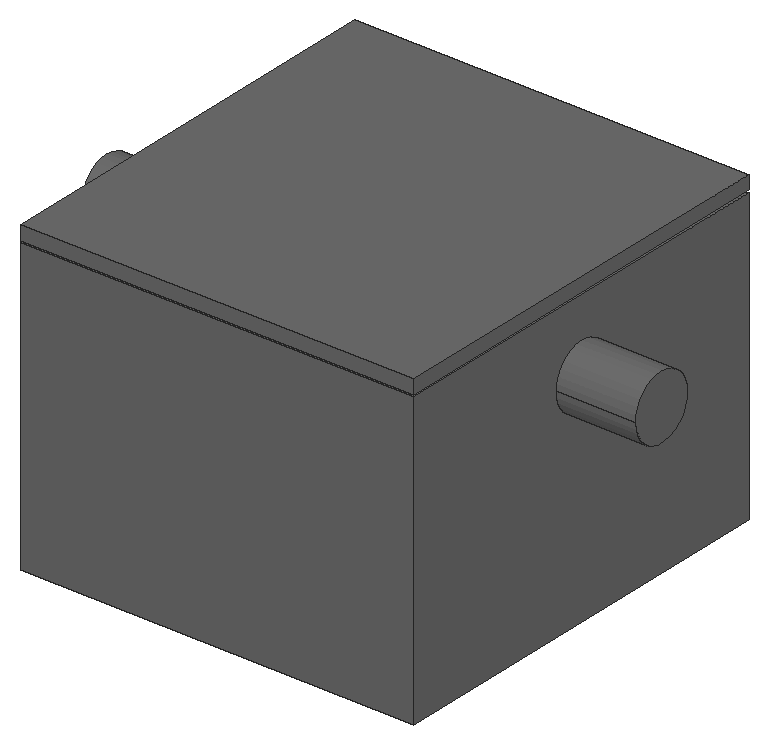
Revit family "Grease_Interceptor-Jay R Smith-P500-CSA_Series", category Specialty Equipment, Revit 2014
Parameters (values of type "P500-004")
  URL = "https://www.jrsmith.com"
  Product Page URL = ""
  Product Documentation Link = "https://www.jrsmith.com/uploads/fileLibrary/dp500csa.pdf"
  Price = "Prices may vary. Please consult Manufacturer Representative for most up-to-date price list."  # constant formula
  Model = "P500-004"
  Material = "Steel Coal Tar-Jay R Smith-Epoxy Coated"  # constant formula
  Manufacturer = "Jay R Smith"  # constant formula
  IsCustom [instance] = yes
  GREASE CAP LBS (KG) = "8(3.6)"
  GPM FLOW RATE (L/M) = "4(15)"
  G (Plug Size) = 1.500"
  F (Width) = 13.000"
  E = 9.625"
  Description = "Grease Interceptor"  # constant formula
  D = 12.250"
  Creation Date = "2/8/2019"  # constant formula
  C = 2.750"
  B = 6.875"
  Assembly Code = "D2090300"
  A = 2.000"
Types (12): name | Model | GREASE CAP LBS (KG) | GPM FLOW RATE (L/M) | F (Width) | E | D | C | B | A
  (no name) | "P500-004" | "8(3.6)" | "4(15)" | 13.000" | 9.625" | 12.250" | 2.750" | 6.875" | 2.000"
  P500-004 | "P500-004" | "8(3.6)" | "4(15)" | 13.000" | 9.625" | 12.250" | 2.750" | 6.875" | 2.000"
  P500-007 | "P500-007" | "14(6)" | "7(26)" | 14.500" | 11.000" | 13.625" | 3.250" | 7.750" | 2.000"
  P500-010 | "P500-010" | "20(9)" | "10(38)" | 15.750" | 12.375" | 15.000" | 3.625" | 8.750" | 2.000"
  P500-015 | "P500-015" | "30(13.6)" | "15(57)" | 18.250" | 14.750" | 17.375" | 3.500" | 11.250" | 2.000"
  P500-020 | "P500-020" | "40(18)" | "20(75)" | 20.250" | 16.750" | 19.375" | 4.000" | 12.750" | 3.000"
  P500-025 | "P500-025" | "50(22.6)" | "25(95)" | 21.750" | 18.375" | 21.000" | 4.125" | 14.250" | 3.000"
  P500-035 | "P500-035" | "70(32)" | "35(132)" | 23.250" | 19.000" | 22.375" | 4.500" | 14.500" | 3.000"
  P500-050 | "P500-050" | "100(45)" | "50(189)" | 23.250" | 19.750" | 31.625" | 5.250" | 14.500" | 3.000"
  P500-L20 | "P500-L20" | "40(18)" | "20(75)" | 20.750" | 10.500" | 39.500" | 3.750" | 7.000" | 3.000"
  P500-L35 | "P500-L35" | "70(32)" | "35(132)" | 26.750" | 11.750" | 52.250" | 4.750" | 7.000" | 3.000"
  P500-L50 | "P500-L50" | "100(45)" | "50(189)" | 26.750" | 15.938" | 50.250" | 5.938" | 10.000" | 3.000"
Reference planes (in)
  plane 1 "Center (Front/Back)": y = 0
  plane 2: z = 0
  plane 3 "Center (Left/Right)": x = 0
  plane 4: y = 6.5
  plane 5: y = -6.5
  plane 6: x = -6.125
  plane 7: x = 6.125
  plane 8: z = 6.875
  plane 9: z = 9.625
  plane 10: x = -8.625
  plane 11: x = 8.625
  plane 12: z = 9.125
  plane 13: x = -6.25
  plane 14: y = 6.625
  plane 15: x = 6.25
  plane 16: y = -6.625
  plane 17: y = 6.375
  plane 18: x = 6
  plane 19: y = -6.375
  plane 20: x = -6
  plane 21: z = 9.1875
Forms (in)
  Extrusion 1, solid, material "Steel Coal Tar-Jay R Smith-Epoxy Coated"
    sketch origin (0, 0, 0) x (1, 0, 0) y (0, 1, 0)
      loop
        line (-6.125, 6.5) -> (-6.125, -6.5) -> (6.125, -6.5) -> (6.125, 6.5) -> (-6.125, 6.5)
    from 0 to 9.625
  Extrusion 2, solid, material "Steel Coal Tar-Jay R Smith-Epoxy Coated"
    sketch origin (0, 0, 0) x (0, 1, 0) y (0, 0, 1)
      loop
        circle (0, 6.875) r 1
    from -8.625 to -6.125
  Extrusion 3, solid, material "Steel Coal Tar-Jay R Smith-Epoxy Coated"
    sketch origin (0, 0, 0) x (0, 1, 0) y (0, 0, -1)
      loop
        circle (0, -6.875) r 1
    from -8.625 to -6.125
  Extrusion 4, void
    sketch origin (0, 0, 0) x (1, 0, 0) y (0, 1, 0)
      loop
        line (-6.25, 6.625) -> (-6.25, -6.625) -> (6.25, -6.625) -> (6.25, 6.625) -> (-6.25, 6.625)
      loop
        line (-6, 6.375) -> (-6, -6.375) -> (6, -6.375) -> (6, 6.375) -> (-6, 6.375)
    from 9.125 to 9.1875
Cuts and joins
  Extrusion 4 cuts Extrusion 1
  Extrusion 4 cuts Extrusion 2
  Extrusion 4 cuts Extrusion 3
Dimensions and locks (in)
  "F (Width)": plane 5 to plane 4
  "D": plane 6 to plane 7
  equal spacing: plane 6, plane 3 "Center (Left/Right)", plane 7
  equal spacing: plane 5, plane 1 "Center (Front/Back)", plane 4
  "B": plane 8 to plane 2
  "C": plane 9 to plane 8
  locked: plane 10 to plane 6 at 2.5
  locked: plane 11 to plane 7 at 2.5
  locked: plane 9 to plane 12 at 0.5
  locked: plane 13 to plane 6 at 0.125
  locked: plane 16 to plane 5 at 0.125
  locked: plane 7 to plane 15 at 0.125
  locked: plane 14 to plane 4 at 0.125
  locked: plane 6 to plane 20 at 0.125
  locked: plane 18 to plane 7 at 0.125
  locked: plane 5 to plane 19 at 0.125
  locked: plane 4 to plane 17 at 0.125
  locked: plane 21 to plane 12 at 0.0625
  "A": diameter of Extrusion 2 sketch curve
  "A": diameter of Extrusion 3 sketch curve
  aligned and locked: Extrusion 1 sketch curve to plane 4
  aligned and locked: Extrusion 1 sketch curve to plane 6
  aligned and locked: Extrusion 1 sketch curve to plane 5
  aligned and locked: Extrusion 1 sketch curve to plane 7
  aligned and locked: Extrusion 1 to plane 2
  aligned and locked: plane 9 to Extrusion 1
  aligned and locked: plane 1 "Center (Front/Back)" to Extrusion 2 sketch curve
  aligned and locked: plane 8 to Extrusion 2 sketch curve
  aligned and locked: Extrusion 2 to plane 6
  aligned and locked: Extrusion 2 to plane 10
  aligned and locked: plane 11 to Extrusion 3
  aligned and locked: Extrusion 3 to plane 7
  aligned and locked: Extrusion 4 sketch curve to plane 14
  aligned and locked: Extrusion 4 sketch curve to plane 13
  aligned and locked: Extrusion 4 sketch curve to plane 16
  aligned and locked: Extrusion 4 sketch curve to plane 15
  aligned and locked: Extrusion 4 sketch curve to plane 17
  aligned and locked: Extrusion 4 sketch curve to plane 20
  aligned and locked: Extrusion 4 sketch curve to plane 19
  aligned and locked: Extrusion 4 sketch curve to plane 18
  aligned and locked: plane 21 to Extrusion 4
  aligned and locked: Extrusion 4 to plane 12
Automatic sketch dimensions
  Extrusion 3 sketch curve to plane 1 "Center (Front/Back)" = 0.000"
  Extrusion 3 sketch curve to plane 8 = 0.000"
Connectors (in)
  piping at (-8.625, 0, 6.875), diameter 2, driven by "A"
    settings: on cut or joined group of Extrusion 2, Extrusion 4, index 1, connector inside diameter 24", connector length 0.000", flow factor 0, pipe flow 0 GPM, pressure drop 0.00 psi, fitting loss kfactor 0, connector angle 0.00°, fixture units 0, engagement length 0.000", angle of deflection 0.00°, flow configuration 0, flow direction 1, fitting loss method 0, system type 29, joint type 0, gender type 0, connector reference index -1, connector utility 0, adjustable connector no, is connector primary yes, connector description "Inlet Connection"
  piping at (8.625, 0, 6.875), diameter 2, driven by "A"
    settings: on cut or joined group of Extrusion 3, Extrusion 4, index 2, connector inside diameter 24", connector length 0.000", flow factor 0, pipe flow 0 GPM, pressure drop 0.00 psi, fitting loss kfactor 0, connector angle 0.00°, fixture units 0, engagement length 0.000", angle of deflection 0.00°, flow configuration 0, flow direction 2, fitting loss method 0, system type 29, joint type 0, gender type 0, connector reference index -1, connector utility 0, adjustable connector no, is connector primary no, connector description "Outlet Connection"
